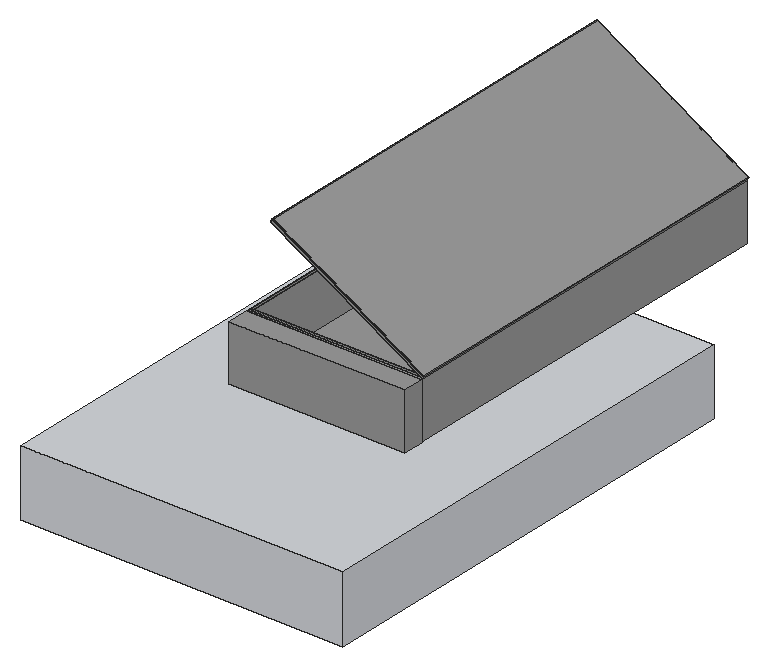
Revit family "Hager-Univers-IP55-D275-H1950-Cl.II-Steel_encl-NoHosted-DE-de", category Equipement électrique, Revit 2020
Family settings
  Hôte = Face
  Configuration du panneau = Deux colonnes, circuits au sein
  Cote de connecteur circulaire = Utiliser le diamètre
  Type d'élément = Tableau de raccordement
  Couper avec des vides une fois chargée = Non
  Partagée = Non
  Point de calcul de pièce = Non
Parameters (values of type "Bodenaufstellung IP55 B800 H1950 T275  - FR23S1")
  Width Control [instance] = if([EF000008 - Breite] > Min Width, [EF000008 - Breite], Min Width)  # 800 mm
  Commentaires du type = [HG000003 - Bereich]  # "Univers"
  Thickness Door [instance] = if([EF009171 - Materialstärke Tür/Deckel] > 3 mm, 3 mm, [EF009171 - Materialstärke Tür/Deckel])  # 1.5 mm
  Seal Frame Offset [instance] = 17 mm  # constant formula
  Plinth Visibility [instance] = [HG000027 - Sockelhöhe] > 0 mm  # yes
  Model = ""
  Min Width [instance] = 100 mm  # constant formula
  Min Height [instance] = 100 mm  # constant formula
  Min Depth [instance] = (2 * [EF009170 - Materialstärke Gehäuse]) + 1 mm  # 4 mm
  Internal Frame Depth [instance] = (Door System Depth * 0.5)  # 9 mm
  Height Control [instance] = if([EF000040 - Höhe] > Min Height, [EF000040 - Höhe], Min Height)  # 1950 mm
  HG000027 - Sockelhöhe = 100 mm
  HG000026 - Stehend auf dem Boden = yes
  HG000024 - Höhe des unteren Teils = 800 mm
  HG000023 - Gehäuse mit doppeltem Querschnitt = no
  HG000016 - 3D-Türsichtbarkeit [instance] = yes
  HG000015 - Sichtbarkeit der Türöffnung [instance] = no
  HG000014 - Tür rechts [instance] = yes
  HG000013 - Tür links [instance] = not([HG000014 - Tür rechts])  # no
  HG000012 - Türschwenkwinkel [instance] = 30.00°
  HG000010 - Asymmetrische Türen = no
  HG000009 - Doppelflügeligen Tür = no
  HG000006 - Unterputz = no
  HG000004 - Herstellerreferenz = "FR23S1"
  HG000003 - Bereich = "Univers"
  HG000002 - Mit tür = yes
  Frame Offset Bottom [instance] = 10 mm  # constant formula
  Frame Offset [instance] = 15 mm  # constant formula
  EF015940 - Deckel mit Überdruckentlastung = no
  EF011959 - Schutzart (NEMA) = ""
  EF009554 - Anzahl der Öffnungen für Flanschplatten = 6
  Fabricant = "Hager"  # constant formula
  EF009212 - Ausführung Deckel = "EV000116 - geschlossen"
  EF009171 - Materialstärke Tür/Deckel = 1.5 mm
  EF009170 - Materialstärke Gehäuse = 1.5 mm
  EF008873 - Nennstrom (In) = 800 A
  EF007800 - Geeignet für Blitzschutz = no
  EF006306 - Mit Schloss = no
  EF006244 - Transparenter Deckel/Tür = no
  EF005474 - Schutzart (IP) = "EV006420 - IP55"
  EF004464 - Art der Tür = "EV002646 - Einzel"
  EF004427 - Anzahl der Module = 432
  EF004293 - Schlagfestigkeit = "EV008784 - IK10"
  EF003532 - Geeignet für Außengebrauch = no
  EF002950 - Breite in Teilungseinheiten = 24
  EF001613 - Funktionserhalt = "EV000494 - ohne"
  EF001596 - Werkstoff des Gehäuses = "EV000179 - Stahl"
  EF001131 - Innentiefe = 275 mm
  EF001088 - Anbaumöglichkeit = yes
  EF000437 - Anzahl der Leitungseinführungen = 6
  EF000339 - Art der Abdeckung = "EV004216 - Tür"
  EF000266 - Anzahl der Reihen = 12
  EF000218 - Einbautiefe = 0 mm
  EF000118 - Mit Montageplatte = no
  EF000116 - RAL-Nummer = "7035"
  EF000049 - Tiefe = 275 mm
  EF000040 - Höhe = 1950 mm
  EF000008 - Breite = 800 mm
  EF000007 - Farbe = "EV000270 - grau"
  EF000003 - Montageart = "EV012274 - Bodenaufstellung"
  Door System Leaf Tolerance [instance] = 1.5 mm  # constant formula
  Door System Depth [instance] = 18 mm  # constant formula
  Door Height [instance] = Height Control - [HG000027 - Sockelhöhe]  # 1850 mm
  Depth Control [instance] = if([EF000049 - Tiefe] > Min Depth, [EF000049 - Tiefe], Min Depth)  # 275 mm
  Default Elevation = 0 mm
  Connector Offset [instance] = Height Control / 2  # 975 mm
  Bottom Top Plate Trim [instance] = 1.5 mm  # constant formula
  Plinth height Ctrl [instance] = if([HG000027 - Sockelhöhe] > 0 mm, [HG000027 - Sockelhöhe], 12 mm)  # 100 mm
Types (11, lengths in mm): name | Width Control | HG000010 - Asymmetrische Türen | HG000009 - Doppelflügeligen Tür | HG000004 - Herstellerreferenz | EF009554 - Anzahl der Öffnungen für Flanschplatten | EF006244 - Transparenter Deckel/Tür | EF004464 - Art der Tür | EF004427 - Anzahl der Module | EF000437 - Anzahl der Leitungseinführungen | EF000008 - Breite
  Bodenaufstellung IP55 B1050 H1950 T275  - FR24L1 | 1050 | yes | yes | "FR24L1" | 8 | yes | "EV003602 - Doppel" | 576 | 8 | 1050
  Bodenaufstellung IP55 B1050 H1950 T275  - FR24S1 | 1050 | yes | yes | "FR24S1" | 8 | no | "EV003602 - Doppel" | 576 | 8 | 1050
  Bodenaufstellung IP55 B1300 H1950 T275  - FR25L1 | 1300 | yes | yes | "FR25L1" | 10 | yes | "EV003602 - Doppel" | 720 | 10 | 1300
  Bodenaufstellung IP55 B1300 H1950 T275  - FR25S1 | 1300 | yes | yes | "FR25S1" | 10 | no | "EV003602 - Doppel" | 720 | 10 | 1300
  Bodenaufstellung IP55 B1550 H1950 T275  - FR26L1 | 1550 | yes | yes | "FR26L1" | 12 | yes | "EV003602 - Doppel" | 864 | 12 | 1550
  Bodenaufstellung IP55 B1550 H1950 T275  - FR26S1 | 1550 | yes | yes | "FR26S1" | 12 | no | "EV003602 - Doppel" | 864 | 12 | 1550
  Bodenaufstellung IP55 B300 H1950 T275  - FR21S1 | 300 | no | no | "FR21S1" | 2 | no | "EV002646 - Einzel" | 144 | 2 | 300
  Bodenaufstellung IP55 B550 H1950 T275  - FR22L1 | 550 | no | no | "FR22L1" | 4 | yes | "EV002646 - Einzel" | 288 | 4 | 550
  Bodenaufstellung IP55 B550 H1950 T275  - FR22S1 | 550 | no | no | "FR22S1" | 4 | no | "EV002646 - Einzel" | 288 | 4 | 550
  Bodenaufstellung IP55 B800 H1950 T275  - FR23L1 | 800 | no | no | "FR23L1" | 6 | yes | "EV002646 - Einzel" | 432 | 6 | 800
  Bodenaufstellung IP55 B800 H1950 T275  - FR23S1 | 800 | no | no | "FR23S1" | 6 | no | "EV002646 - Einzel" | 432 | 6 | 800
Reference planes
  plane 1 "Center (Front/Back)": y = 0
  plane 2: z = 0
  plane 3 "Center (Left/Right)": x = 0
  plane 4: z = 275
  plane 5: y = 101.5
  plane 6: y = 1025
  plane 7: y = 100
  plane 8: y = 1950
  plane 9: z = 0
  plane 10: x = -385
  plane 11: x = 385
  plane 12: x = 383.5
  plane 13: x = -383.5
  plane 14: y = 1948.5
  plane 15: x = -383
  plane 16: x = -400
  plane 17: x = 383
  plane 18: x = 400
  plane 19: x = 398.5
  plane 20: x = -398.5
  plane 21: y = 111.5
  plane 22: y = 1950
  plane 23: y = 1933.5
  plane 24: z = 257
  plane 25: z = 1.5
  plane 26: z = 255.5
  plane 27: z = 273.5
Forms (mm)
  Extrusion 1, solid
    sketch origin (0, 0, 0) x (1, 0, 0) y (0, 1, 0)
      loop
        line (-702.964, 1305) -> (-702.964, -811.445) -> (766.763, -811.445) -> (766.763, 1305) -> (-702.964, 1305)
    from 0 to -304.8
  Extrusion 2, solid, material "Hager_Steel_RAL7035_Light_Grey", visible <- "Plinth Visibility", detail levels medium+fine
    sketch origin (0, 0, 0) x (1, 0, 0) y (0, 1, 0)
      loop
        line (-400, 0) -> (400, 0) -> (400, 100) -> (-400, 100) -> (-400, 0)
    from 0 to 257
  Extrusion 3, solid, material "Hager_Steel_RAL7035_Light_Grey", detail levels medium+fine
    sketch origin (0, 0, 0) x (1, 0, 0) y (0, 1, 0)
      loop
        line (-400, 100) -> (400, 100) -> (400, 1950) -> (-400, 1950) -> (-400, 100)
    from 0 to 257
  Extrusion 4, void
    sketch origin (0, 0, 0) x (1, 0, 0) y (0, 1, 0)
      loop
        line (-398.5, 101.5) -> (398.5, 101.5) -> (398.5, 1948.5) -> (-398.5, 1948.5) -> (-398.5, 101.5)
    from 1.5 to 255.5
  Extrusion 5, void
    sketch origin (-381.607, -4572, 257) x (0, -1, 0) y (-1, 0, 0)
      loop
        line (-4683.5, 1.893) -> (-6505.5, 1.893) -> (-6505.5, -765.107) -> (-4683.5, -765.107) -> (-4683.5, 1.893)
    from 0 to 1.5 <- "EF009170 - Materialstärke Gehäuse"
  Extrusion 6, solid, material "Hager_Steel_RAL7035_Light_Grey", detail levels fine
    sketch origin (0, 0, 257) x (1, 0, 0) y (0, 1, 0)
      loop
        line (-383.5, 1933.5) -> (-383.5, 111.5) -> (383.5, 111.5) -> (383.5, 1933.5) -> (-383.5, 1933.5)
      loop
        line (-385, 110) -> (385, 110) -> (385, 1935) -> (-385, 1935) -> (-385, 110)
    from 0 to 9 <- "Internal Frame Depth"
  Extrusion 7, solid, material "Hager_Steel_RAL7035_Light_Grey", detail levels coarse
    sketch origin (0, 0, 0) x (1, 0, 0) y (0, 1, 0)
      loop
        line (-400, 0) -> (400, 0) -> (400, 1950) -> (-400, 1950) -> (-400, 0)
    from 0 to 275
  Sweep 8, void
    path in 3D
      loop
        line (-400, 100, 0) -> (400, 100, 0) -> (400, 100, 257) -> (-400, 100, 257) -> (-400, 100, 0)
    profile origin (-400, 100, 128.5) x (-1, 0, 0) y (0, -1, 0)
      loop
        line (0, 0) -> (0, 1.5) -> (-1.5, 1.5)
        arc (-1.5, 1.5) -> (-1.061, 0.439) -> (0, 0) r 1.5
Cuts and joins
  Extrusion 4, Extrusion 5 cuts Extrusion 3
  Sweep 8 cuts Extrusion 2
Lines and regions (mm)
  Masking region 1
    outline origin (0, 0, 0) x (1, 0, 0) y (0, 0, 1)
      loop
        line (-400, 275) -> (-400, 0) -> (400, 0) -> (400, 275) -> (-400, 275)
  Masking region 2, detail levels medium+fine
    outline origin (0, 140, 0) x (0, 1, 0) y (0, 0, 1)
      loop
        line (-40, 0) -> (1810, 0) -> (1810, 257) -> (-40, 257) -> (-40, 0)
  Masking region 3, not visible, detail levels medium+fine
    outline origin (0, 297.922, 0) x (0, 1, 0) y (0, 0, 1)
      loop
        line (738.578, 0) -> (778.578, 0) -> (778.578, 263.5)
        arc (778.578, 263.5) -> (775.649, 270.571) -> (768.578, 273.5) r 10
        line (768.578, 273.5) -> (738.578, 273.5) -> (738.578, 0)
  Masking region 4, detail levels coarse
    outline origin (0, 0, 180) x (0, 1, 0) y (0, 0, 1)
      loop
        line (0, -180) -> (1950, -180) -> (1950, 95) -> (0, 95) -> (0, -180)
  Masking region 5, visible <- "Plinth Visibility", detail levels medium+fine
    outline origin (0, 52.24, 12.345) x (0, 0, -1) y (0, 1, 0)
      loop
        line (10.845, 47.76) -> (-243.155, 47.76)
        arc (-243.155, 47.76) -> (-243.594, 46.699) -> (-244.655, 46.26) r 1.5
        line (-244.655, 46.26) -> (-244.655, -52.24) -> (12.345, -52.24) -> (12.345, 46.26)
        arc (12.345, 46.26) -> (11.285, 46.699) -> (10.845, 47.76) r 1.5
  Masking region 6, detail levels medium+fine
    outline origin (-381.607, -4572, 257) x (-1, 0, 0) y (0, -1, 0)
      loop
        line (18.393, -6522) -> (18.393, -4672) -> (-781.607, -4672) -> (-781.607, -6522) -> (18.393, -6522)
  Masking region 7, visible <- "Plinth Visibility", detail levels medium+fine
    outline origin (-381.607, -4727, 257) x (-1, 0, 0) y (0, -1, 0)
      loop
        arc (16.893, -4827) -> (17.332, -4825.939) -> (18.393, -4825.5) r 1.5
        line (18.393, -4825.5) -> (18.393, -4727) -> (-781.607, -4727) -> (-781.607, -4825.5)
        arc (-781.607, -4825.5) -> (-780.546, -4825.939) -> (-780.107, -4827) r 1.5
        line (-780.107, -4827) -> (16.893, -4827)
  Masking region 8, detail levels coarse
    outline origin (-442.548, -4669.526, 257) x (-1, 0, 0) y (0, -1, 0)
      loop
        line (-42.548, -6619.526) -> (-42.548, -4669.526) -> (-842.548, -4669.526) -> (-842.548, -6619.526) -> (-42.548, -6619.526)
  sketch lines
    curve 1: line (-400, 100, 257) -> (-400, 100, 0)
    curve 2: line (400, 100, 257) -> (-400, 100, 257)
    curve 3: line (400, 100, 257) -> (400, 100, 0)
    curve 4: line (-400, 100, 0) -> (400, 100, 0)
Dimensions and locks
  "Depth Control": plane 4 to Extrusion 1
  "HG000027 - Sockelhöhe": plane 1 "Center (Front/Back)" to plane 7
  "EF009170 - Materialstärke Gehäuse": plane 5 to plane 7
  locked: connector elem to plane 3 "Center (Left/Right)"
  equal spacing: plane 8, plane 6, plane 7
  locked: connector elem to plane 6
  "EF009170 - Materialstärke Gehäuse": plane 8 to plane 14
  "EF009170 - Materialstärke Gehäuse": plane 10 to plane 13
  "EF009170 - Materialstärke Gehäuse": plane 12 to plane 11
  "Frame Offset": plane 20 to plane 13
  "Frame Offset": plane 12 to plane 19
  "EF009170 - Materialstärke Gehäuse": plane 16 to plane 20
  "EF009170 - Materialstärke Gehäuse": plane 19 to plane 18
  "Seal Frame Offset": plane 16 to plane 15
  "Seal Frame Offset": plane 17 to plane 18
  "Frame Offset Bottom": plane 21 to plane 5
  "Frame Offset": plane 14 to plane 23
  equal spacing: plane 16, plane 3 "Center (Left/Right)", plane 18
  "Width Control": plane 16 to plane 18
  "EF009170 - Materialstärke Gehäuse": plane 4 to plane 27
  "EF009170 - Materialstärke Gehäuse": plane 24 to plane 26
  "EF009170 - Materialstärke Gehäuse": plane 25 to level
  "Door System Depth": plane 4 to plane 24
  "Height Control": plane 1 "Center (Front/Back)" to Extrusion 7 sketch curve
  "Height Control": Masking region 4 sketch curve to plane 1 "Center (Front/Back)"
  "Height Control": plane 1 "Center (Front/Back)" to plane 22
  "Bottom Top Plate Trim": profile plane to Sweep 8 sketch curve
  "Bottom Top Plate Trim": Sweep 8 sketch curve to profile plane
  "Plinth height Ctrl": plane 1 "Center (Front/Back)" to Extrusion 2 sketch curve
  "Plinth height Ctrl": Masking region 5 sketch curve to plane 1 "Center (Front/Back)"
  "Plinth height Ctrl": plane 1 "Center (Front/Back)" to Masking region 7 sketch curve
  "Thickness Door": Extrusion 6 sketch curve to Extrusion 6 sketch curve  (x3)
  "Thickness Door": cut or joined group of Extrusion 3, Extrusion 4, Extrusion 5 to Extrusion 6 sketch curve
  radius of Masking region 3 sketch curve = 10 mm
  "Bottom Top Plate Trim": radius of Masking region 5 sketch curve  (x2)
  "Bottom Top Plate Trim": radius of Sweep 8 sketch curve
  "Bottom Top Plate Trim": radius of Masking region 7 sketch curve  (x2)
  aligned and locked: plane 2 to Extrusion 1
  aligned and locked: level to Extrusion 1
  aligned and locked: level to Masking region 1 sketch curve
  aligned and locked: Masking region 1 sketch curve to plane 18
  aligned and locked: Masking region 1 sketch curve to plane 16
  aligned and locked: plane 7 to Masking region 2 sketch curve
  aligned and locked: level to Masking region 3 sketch curve
  aligned and locked: Masking region 3 sketch curve to plane 27
  aligned and locked: level to Masking region 2 sketch curve
  aligned and locked: plane 1 "Center (Front/Back)" to Extrusion 2 sketch curve
  aligned and locked: Extrusion 3 sketch curve to plane 7
  aligned and locked: plane 16 to Extrusion 3 sketch curve
  aligned and locked: plane 18 to Extrusion 3 sketch curve
  aligned and locked: plane 20 to Extrusion 4 sketch curve
  aligned and locked: plane 19 to Extrusion 4 sketch curve
  aligned and locked: Extrusion 4 sketch curve to plane 5
  aligned and locked: Extrusion 4 to plane 25
  aligned and locked: plane 26 to Extrusion 4
  aligned and locked: plane 24 to Extrusion 3
  aligned and locked: Extrusion 5 sketch curve to plane 21
  aligned and locked: Extrusion 5 sketch curve to plane 13
  aligned and locked: Extrusion 5 sketch curve to plane 12
  aligned and locked: plane 18 to Extrusion 7 sketch curve
  aligned and locked: plane 1 "Center (Front/Back)" to Extrusion 7 sketch curve
  aligned and locked: plane 16 to Extrusion 7 sketch curve
  aligned and locked: plane 4 to Extrusion 7
  aligned and locked: Extrusion 7 to level
  aligned and locked: level to Masking region 4 sketch curve
  aligned and locked: Masking region 4 sketch curve to plane 1 "Center (Front/Back)"
  aligned and locked: Masking region 4 sketch curve to plane 4
  aligned and locked: nested 1 to level
  aligned and locked: nested 1 to plane 16
  aligned and locked: plane 8 to Extrusion 3 sketch curve
  aligned and locked: plane 23 to Extrusion 5 sketch curve
  aligned and locked: plane 14 to Extrusion 4 sketch curve
  aligned and locked: Masking region 2 sketch curve to plane 8
  aligned and locked: level to Masking region 5 sketch curve
  aligned and locked: plane 16 to Extrusion 2 sketch curve
  aligned and locked: plane 18 to Extrusion 2 sketch curve
  aligned and locked: Masking region 5 sketch curve to plane 24
  aligned and locked: Masking region 2 sketch curve to plane 24
  aligned and locked: plane 24 to Extrusion 2
  aligned and locked: profile plane to Sweep 8 sketch curve  (x2)
  aligned and locked: Masking region 6 sketch curve to plane 18
  aligned and locked: Masking region 6 sketch curve to plane 22
  aligned and locked: Masking region 6 sketch curve to plane 16
  aligned and locked: plane 8 to plane 22
  aligned and locked: Masking region 6 sketch curve to plane 7
  aligned and locked: Masking region 7 sketch curve to plane 16
  aligned and locked: Masking region 7 sketch curve to plane 1 "Center (Front/Back)"
  aligned and locked: Masking region 7 sketch curve to plane 18
  aligned and locked: Masking region 8 sketch curve to plane 1 "Center (Front/Back)"
  aligned and locked: Masking region 8 sketch curve to plane 18
  aligned and locked: Masking region 8 sketch curve to plane 22
  aligned and locked: Masking region 8 sketch curve to plane 16
  aligned and locked: nested 2 to plane 7
  aligned and locked: plane 3 "Center (Left/Right)" to nested 2
  aligned and locked: nested 2 to plane 24
  aligned and locked: Extrusion 6 sketch curve to cut or joined group of Extrusion 3, Extrusion 4, Extrusion 5  (x4)
Automatic sketch dimensions
  Extrusion 1 sketch curve to Extrusion 1 sketch curve = 1469.727 mm
  Extrusion 1 sketch curve to Extrusion 1 sketch curve = 2116.445 mm
  Masking region 1 sketch curve to plane 4 = 0 mm
  plane 6 to Masking region 3 sketch curve = 11.5 mm
  Masking region 3 sketch curve to Masking region 3 sketch curve = 30 mm
  Masking region 5 sketch curve to plane 1 "Center (Front/Back)" = 0 mm
Nested families
  nested 1: "Hager_Enclosure_Symbol" at (-400, 0, 0) x (1, 0, 0) z (0, -1, 0), Height <- "Depth Control", Width <- "Width Control", type "Hager_Enclosure_Symbol"
    with Width_Ctrl 800 mm, Width 800 mm, Height_Ctrl 275 mm, Height 275 mm, A_Width_Int 18.047 mm, A_Width 216.562 mm, A_Height_Ctrl 240.625 mm, A_Height 240.625 mm
  nested 2: "EC000058_Univers_Door" at (0, 100, 257) x (1, 0, 0) z (0, 1, 0), Leaf_Tolerance <- "Door System Leaf Tolerance", Angle <- "HG000012 - Türschwenkwinkel", Door_Depth <- "Door System Depth", Door_Left <- "HG000013 - Tür links", Transparent <- "EF006244 - Transparenter Deckel/Tür", Assymetrical <- "HG000010 - Asymmetrische Türen", Width <- "Width Control", Clearance <- "HG000015 - Sichtbarkeit der Türöffnung", Double <- "HG000009 - Doppelflügeligen Tür", 3d_Door <- "HG000016 - 3D-Türsichtbarkeit", Lock_Visibility <- "EF006306 - Mit Schloss", Width_Ctrl <- "Width Control", Door_Right <- "HG000014 - Tür rechts", Door <- "HG000002 - Mit tür", Height <- "Door Height", Thickness <- "Thickness Door", type "EC000058_Univers_Door", detail levels medium+fine
    with min_wh 4 mm, Width_Ctrl 800 mm, Width 800 mm, Transparent no, Thickness 1.5 mm, Seal_Material Hager_Rubber, Lock_Visibility no, Lock_Material Hager_Plastic_RAL9005_Jet_Black, Leaf_Width 800 mm, Leaf_Tolerance_External_Sides 0 mm, Leaf_Tolerance 1.5 mm, Leaf_Offset 0 mm, Leaf_Height 1847 mm, Leaf_2_Width 800 mm, Leaf_2_Offset 400 mm, Leaf_1_Width 800 mm, Leaf_1_Offset 400 mm, Height_Ctrl 1850 mm, Height 1850 mm, Glass_Material Hager_Glass, Double_Clearance_Ctrl no, Double no, Door_Right_Ctrl yes, Door_Right yes, Door_Material Hager_Steel_RAL7035_Light_Grey, Door_Left_Ctrl no, Door_Left no, Door_Depth 18 mm, Door yes, Clearance_Material Hager_Clearance, Clearance_Depth 800 mm, Clearance_Ctrl no, Clearance no, Assymetrical no, Angle 30.00°, 3d_Door yes
Connectors
  electrical at (0, 1025, 0)
    settings: on plane 9, index 1, voltage 0 V, apparent load 0 VA, apparent load phase1 0 VA, apparent load phase2 0 VA, apparent load phase3 0 VA, power factor 1, load classification "Other", number of poles 1, system type 30, power factor state 1, is connector primary yes, connector utility no, sub classification motor no, connector description ""
Definition of nested family "EC000058_Univers_Door"
  Parameters (values of type "EC000058_Univers_Door")
    min_wh [instance] = (2 * Thickness) + 1 mm  # 11 mm
    Width_Ctrl [instance] = 400 mm
    Width [instance] = 500 mm
    Transparent [instance] = yes
    Thickness [instance] = 5 mm
    Seal_Material [instance] = none
    Lock_Visibility [instance] = yes
    Lock_Material [instance] = none
    Leaf_Width [instance] = if((Width_Ctrl - 2 * Leaf_Tolerance_External_Sides) > 0 mm, (Width_Ctrl - 2 * Leaf_Tolerance_External_Sides), min_wh)  # 400 mm
    Leaf_Tolerance_External_Sides [instance] = 0 mm  # constant formula
    Leaf_Tolerance [instance] = 1.5 mm
    Leaf_Offset [instance] = 0 mm  # constant formula
    Leaf_Height [instance] = if((Height_Ctrl - 2 * Leaf_Tolerance) > 0 mm, (Height_Ctrl - 2 * Leaf_Tolerance), min_wh)  # 497 mm
    Leaf_2_Width [instance] = if(and(and(Double, Assymetrical), Door_Left), (Leaf_Width / 3) - (Leaf_Tolerance / 2), if(and(and(Double, Assymetrical), Door_Right), (Leaf_Width / 3) * 2 - (Leaf_Tolerance / 2), if(and(Double, not(Assymetrical)), (Leaf_Width / 2) - Leaf_Tolerance, Leaf_Width)))  # 400 mm
    Leaf_2_Offset [instance] = if(and(Double, Assymetrical), Leaf_2_Width / 2, if(and(Double, not(Assymetrical)), Leaf_Width / 4, Leaf_Width / 2))  # 200 mm
    Leaf_1_Width [instance] = if(and(and(Double, Assymetrical), Door_Right), (Leaf_Width / 3) - (Leaf_Tolerance / 2), if(and(and(Double, Assymetrical), Door_Left), (Width / 3) * 2 - (Leaf_Tolerance / 2), if(and(Double, not(Assymetrical)), (Leaf_Width / 2) - Leaf_Tolerance, Leaf_Width)))  # 400 mm
    Leaf_1_Offset [instance] = if(and(Double, Assymetrical), Leaf_1_Width / 2, if(and(Double, not(Assymetrical)), Leaf_Width / 4, Leaf_Width / 2))  # 200 mm
    Height_Ctrl [instance] = if(Height > min_wh, Height, min_wh)  # 500 mm
    Height [instance] = 500 mm
    Glass_Material [instance] = none
    Double_Clearance_Ctrl [instance] = and(Double, Clearance)  # no
    Double [instance] = no
    Door_Right_Ctrl [instance] = and(or(Door_Right, Double), Door)  # yes
    Door_Right [instance] = yes
    Door_Material [instance] = none
    Door_Left_Ctrl [instance] = and(or(Door_Left, Double), Door)  # no
    Door_Left [instance] = no
    Door_Depth [instance] = 30 mm
    Door [instance] = yes
    Default Elevation = 1219.2 mm
    Clearance_Material [instance] = none
    Clearance_Depth [instance] = if(Leaf_1_Width > Leaf_2_Width, Leaf_1_Width, Leaf_2_Width)  # 400 mm
    Clearance_Ctrl [instance] = and(not(Double), Clearance)  # yes
    Clearance [instance] = yes
    Assymetrical [instance] = yes
    Angle [instance] = 30.00°
    3d_Door [instance] = yes
  Reference planes
    plane 1 "Center (Front/Back)": y = 0
    plane 2 "Bottom": z = 0
    plane 3 "Center (Left/Right)": x = 0
    plane 4: z = 500
    plane 5: x = -200
    plane 6: x = 200
    plane 7: z = 500
    plane 8: x = -200
    plane 9: z = 0
    plane 10: x = 200
    plane 11: y = 0
    plane 12: z = 1.5
    plane 13: x = -600
    plane 14: y = -400
    plane 15: x = 600
    plane 16: x = 0
    plane 17: x = 0
    plane 18: x = -200
    plane 19: x = 200
    plane 20: z = 498.5
  Forms (mm)
    Extrusion 1, solid, material <- "Clearance_Material", visible <- "Double_Clearance_Ctrl"
      sketch origin (1200, 0, 0) x (1, 0, 0) y (0, 0, -1)
        loop
          line (-1800, -498.5) -> (-600, -498.5) -> (-600, 0) -> (-1800, 0) -> (-1800, -498.5)
      from 0 to -400
  Dimensions and locks
    equal spacing: plane 5, plane 3 "Center (Left/Right)", plane 6
    "Width_Ctrl": plane 5 to plane 6
    "Leaf_Offset": plane 5 to plane 8
    "Leaf_Offset": plane 6 to plane 10
    "Leaf_Offset": plane 9 to level
    "Leaf_Offset": plane 4 to plane 7
    "Height_Ctrl": plane 4 to level
    "Leaf_Tolerance": plane 12 to plane 9
    locked: plane 11 to plane 1 "Center (Front/Back)"
    "Leaf_1_Offset": plane 18 to plane 16
    "Leaf_2_Offset": plane 17 to plane 19
    "Leaf_1_Width": plane 13 to plane 8
    "Leaf_2_Width": plane 10 to plane 15
    "Clearance_Depth": plane 14 to plane 1 "Center (Front/Back)"
    "Leaf_Tolerance_External_Sides": plane 8 to plane 18
    "Leaf_Tolerance_External_Sides": plane 19 to plane 10
    "Leaf_Tolerance": plane 7 to plane 20
    aligned and locked: level to plane 2 "Bottom"
    aligned and locked: nested 1 to plane 16
    aligned and locked: nested 2 to plane 17
    aligned and locked: Extrusion 1 to plane 13
    aligned and locked: plane 15 to Extrusion 1
    aligned and locked: Extrusion 1 to plane 14
    aligned and locked: plane 12 to nested 1
    aligned and locked: nested 2 to plane 12
    aligned and locked: Extrusion 1 to plane 11
    aligned and locked: plane 20 to Extrusion 1
    aligned and locked: nested 2 to plane 11
    aligned and locked: nested 1 to plane 11
  Automatic sketch dimensions
    Extrusion 1 sketch curve to level = 0 mm
    plane 5 to Extrusion 1 sketch curve = 400 mm
    plane 6 to Extrusion 1 sketch curve = 400 mm
    Extrusion 1 sketch curve to plane 4 = 1.5 mm
  Nested families
    nested 1: "EC000058_Univers_Door_Leaf" at (0, 0, 1.5), Width <- "Leaf_1_Width", visible <- "Door_Left_Ctrl", Leaf_Height <- "Leaf_Height", Angle <- "Angle", 3d_Door <- "3d_Door", Transparent <- "Transparent", Clearance Material <- "Clearance_Material", Clearance <- "Clearance_Ctrl", Door_Material <- "Door_Material", Glass_Material <- "Glass_Material", Door_Depth <- "Door_Depth", Lock_Material <- "Lock_Material", Seal_Material <- "Seal_Material", Lock_Visibility <- "Lock_Visibility", Thickness <- "Thickness", type "EC000058_Univers_Door_Leaf"
      with Width 400 mm, Transparent_Glass_Offset 30 mm, Transparent_Ctrl yes, Transparent yes, Thickness 5 mm, Standard no, Seal_Material none, Seal_D2 8 mm, Seal_D1 1 mm, Offset_Internal_Frame 10 mm, Lock_Width 20 mm, Lock_Visibility_3d yes, Lock_Visibility yes, Lock_Thickness_3 3 mm, Lock_Thickness_2 1 mm, Lock_Thickness_1 3 mm, Lock_Radius_Offset_2 16 mm, Lock_Radius_Offset_1 15 mm, Lock_Radius_2 5 mm, Lock_Radius 6 mm, Lock_Offset 5 mm, Lock_Material none, Lock_Height 80 mm, Lock_Cover_Top_Offset_2d 17 mm, Lock_Cover_Height -65 mm, Leaf_Height 497 mm, Internal_Seal_Thickness 8 mm, Internal_Seal_Depth_2 4.5 mm, Internal_Frame_Depth 25 mm, Glass_Thickness -1 mm, Glass_Offset -2 mm, Glass_Material none, Door_Material none, Door_Depth 30 mm, Clearance Material none, Clearance yes, Angle_Ctrl 30.00°, Angle 30.00°, 3d_Door yes
    nested 2: "EC000058_Univers_Door_Leaf" at (0, 0, 1.5) x (-1, 0, 0) z (0, 0, 1), Width <- "Leaf_2_Width", visible <- "Door_Right_Ctrl", Leaf_Height <- "Leaf_Height", Angle <- "Angle", 3d_Door <- "3d_Door", Transparent <- "Transparent", Clearance Material <- "Clearance_Material", Clearance <- "Clearance_Ctrl", Door_Material <- "Door_Material", Glass_Material <- "Glass_Material", Door_Depth <- "Door_Depth", Lock_Material <- "Lock_Material", Seal_Material <- "Seal_Material", Lock_Visibility <- "Lock_Visibility", Thickness <- "Thickness", type "EC000058_Univers_Door_Leaf"
      with Width 400 mm, Transparent_Glass_Offset 30 mm, Transparent_Ctrl yes, Transparent yes, Thickness 5 mm, Standard no, Seal_Material none, Seal_D2 8 mm, Seal_D1 1 mm, Offset_Internal_Frame 10 mm, Lock_Width 20 mm, Lock_Visibility_3d yes, Lock_Visibility yes, Lock_Thickness_3 3 mm, Lock_Thickness_2 1 mm, Lock_Thickness_1 3 mm, Lock_Radius_Offset_2 16 mm, Lock_Radius_Offset_1 15 mm, Lock_Radius_2 5 mm, Lock_Radius 6 mm, Lock_Offset 5 mm, Lock_Material none, Lock_Height 80 mm, Lock_Cover_Top_Offset_2d 17 mm, Lock_Cover_Height -65 mm, Leaf_Height 497 mm, Internal_Seal_Thickness 8 mm, Internal_Seal_Depth_2 4.5 mm, Internal_Frame_Depth 25 mm, Glass_Thickness -1 mm, Glass_Offset -2 mm, Glass_Material none, Door_Material none, Door_Depth 30 mm, Clearance Material none, Clearance yes, Angle_Ctrl 30.00°, Angle 30.00°, 3d_Door yes
  Definition of nested family "EC000058_Univers_Door_Leaf"
    Parameters (values of type "EC000058_Univers_Door_Leaf")
      Width [instance] = 2000 mm
      Transparent_Glass_Offset [instance] = 30 mm
      Transparent_Ctrl [instance] = and(Transparent, [3d_Door])  # yes
      Transparent [instance] = yes
      Thickness [instance] = 5 mm
      Standard [instance] = and(not(Transparent), [3d_Door])  # no
      Seal_Material [instance] = none
      Seal_D2 [instance] = 8 mm  # constant formula
      Seal_D1 [instance] = 1 mm  # constant formula
      Offset_Internal_Frame [instance] = 10 mm  # constant formula
      Lock_Width [instance] = 20 mm  # constant formula
      Lock_Visibility_3d [instance] = and(Lock_Visibility, [3d_Door])  # yes
      Lock_Visibility [instance] = yes
      Lock_Thickness_3 [instance] = 3 mm  # constant formula
      Lock_Thickness_2 [instance] = 1 mm  # constant formula
      Lock_Thickness_1 [instance] = 3 mm  # constant formula
      Lock_Radius_Offset_2 [instance] = Lock_Radius_Offset_1 + 1 mm  # 16 mm
      Lock_Radius_Offset_1 [instance] = 15 mm  # constant formula
      Lock_Radius_2 [instance] = Lock_Radius - 1 mm  # 5 mm
      Lock_Radius [instance] = 6 mm  # constant formula
      Lock_Offset [instance] = 5 mm  # constant formula
      Lock_Material [instance] = none
      Lock_Height [instance] = 80 mm  # constant formula
      Lock_Cover_Top_Offset_2d [instance] = Lock_Radius_Offset_2 + 1 mm  # 17 mm
      Lock_Cover_Height [instance] = -(Lock_Height - Lock_Radius_Offset_1)  # -65 mm
      Leaf_Height [instance] = 2720.336 mm
      Internal_Seal_Thickness [instance] = 8 mm  # constant formula
      Internal_Seal_Depth_2 [instance] = 4.5 mm  # constant formula
      Internal_Frame_Depth [instance] = if(Door_Depth - Thickness > 5 mm, Door_Depth - Thickness, 5 mm)  # 25 mm
      Glass_Thickness [instance] = if(Thickness > 15 mm, Glass_Offset + 10 mm, -1 mm)  # -1 mm
      Glass_Offset [instance] = if(Thickness > 15 mm, -(Thickness + 10 mm) / 2, -2 mm)  # -2 mm
      Glass_Material [instance] = none
      Door_Material [instance] = none
      Door_Depth [instance] = 30 mm
      Default Elevation = 0 mm
      Clearance Material [instance] = none
      Clearance [instance] = yes
      Angle_Ctrl [instance] = if(Angle > 180.00°, 180.00°, Angle)  # 90.00°
      Angle [instance] = 90.00°
      3d_Door [instance] = yes
    Reference planes
      plane 1 "Center (Front/Back)": y = 0
      plane 2: z = 0
      plane 3 "Center (Left/Right)": x = 0
      plane 4: y = 2000
      plane 5: x = -1000
      plane 6: x = 1000
      plane 7: x = -3000
      plane 8: z = 2720.336
      plane 9: z = 30
      plane 10: z = 2690.336
      plane 11: x = 970
      plane 12: x = -970
      plane 13: y = -3
      plane 14: z = 107.833
      plane 15: y = -5
      plane 16: y = -223.314
      plane 17: x = -1000
      plane 18: z = 1360.168
      plane 19: y = 30
    Forms (mm)
      Extrusion 1, solid, material <- "Clearance Material", visible <- "Clearance"
        sketch origin (0, 0, 0) x (1, 0, 0) y (0, 0, 1)
          loop
            line (-3000, 2720.336) -> (-3000, 0) -> (1000, 0) -> (1000, 2720.336) -> (-3000, 2720.336)
        from 0 to -2000
      Extrusion 2, solid, material <- "Door_Material", visible <- "Standard", detail levels medium+fine
        sketch origin (-1000, 0, 0) x (0, 1, 0) y (-1, 0, 0)
          loop
            line (0, 30) -> (0, 25) -> (2000, 25) -> (2000, 30) -> (0, 30)
        from 0 to 2720.336 <- "Leaf_Height"
      Extrusion 3, solid, material <- "Door_Material", visible <- "Transparent_Ctrl", detail levels medium+fine
        sketch origin (-1000, 0, 0) x (0, 1, 0) y (-1, 0, 0)
          loop
            line (0, 25) -> (2000, 25) -> (2000, 30) -> (0, 30) -> (0, 25)
        from 0 to 2720.336 <- "Leaf_Height"
      Extrusion 4, void
        sketch origin (-1025, 2000, 0) x (0, 1, 0) y (0, 0, -1)
          loop
            line (-30, -2690.336) -> (-30, -30) -> (-1970, -30) -> (-1970, -2690.336) -> (-30, -2690.336)
        from 0 to 5 <- "Thickness"
      Sweep 5, solid, material <- "Seal_Material", visible <- "Transparent_Ctrl", detail levels fine
        path in 3D
          loop
            line (-1025, 30, 30) -> (-1025, 30, 2690.336) -> (-1025, 1970, 2690.336) -> (-1025, 1970, 30) -> (-1025, 30, 30)
        profile origin (-1025, 1000, 30) x (1, 0, 0) y (0, 0, 1)
          loop
            line (0, 0) -> (0, -8) -> (1, -8) -> (1, 0) -> (0, 0)
      Extrusion 6, solid, material <- "Glass_Material", visible <- "Transparent_Ctrl", detail levels medium+fine
        sketch origin (-1030, 0, 0) x (0, 1, 0) y (0, 0, -1)
          loop
            line (1970, -2690.336) -> (1970, -30) -> (30, -30) -> (30, -2690.336) -> (1970, -2690.336)
        from -2 <- "Glass_Offset" to -1 <- "Glass_Thickness"
      Extrusion 7, solid, material <- "Door_Material", visible <- "3d_Door", detail levels medium+fine
        sketch origin (-1025, 2000, 0) x (0, -1, 0) y (0, 0, -1)
          loop
            line (0, -2720.336) -> (2000, -2720.336) -> (2000, 0) -> (0, 0) -> (0, -2720.336)
          loop
            line (1995, -5) -> (5, -5) -> (5, -2715.336) -> (1995, -2715.336) -> (1995, -5)
        from 0 to 25 <- "Internal_Frame_Depth"
      Sweep 8, solid, material <- "Seal_Material", visible <- "Transparent_Ctrl", detail levels fine
        path in 3D
          loop
            line (-1025, 0, 0) -> (-1025, 2000, 0) -> (-1025, 2000, 2720.336) -> (-1025, 0, 2720.336) -> (-1025, 0, 0)
        profile origin (-1025, 0, 1360.168) x (1, 0, 0) y (0, 1, 0)
          loop
            line (0, 10) -> (2.975, 10)
            arc (2.975, 10) -> (4.053, 10.447) -> (4.5, 11.525) r 1.525
            line (4.5, 11.525) -> (4.5, 16.527)
            arc (4.5, 16.527) -> (4.069, 17.569) -> (3.027, 18) r 1.473
            line (3.027, 18) -> (0, 18) -> (0, 10)
      Extrusion 9, solid, material <- "Lock_Material", visible <- "Lock_Visibility_3d", detail levels fine
        sketch origin (-1030, 0, 0) x (0, 1, 0) y (0, 0, -1)
          loop
            arc (1993.5, -1400.168) -> (1994.561, -1399.729) -> (1995, -1398.668) r 1.5
            line (1995, -1398.668) -> (1995, -1320.168) -> (1975, -1320.168) -> (1975, -1398.668)
            arc (1975, -1398.668) -> (1975.439, -1399.729) -> (1976.5, -1400.168) r 1.5
            line (1976.5, -1400.168) -> (1993.5, -1400.168)
        from 3 <- "Lock_Thickness_1" to 0
      Blend 10, solid, material <- "Lock_Material", visible <- "Lock_Visibility_3d", detail levels fine
        base sketch origin (-1033, 0, 0) x (0, 1, 0) y (0, 0, -1)
          loop
            line (1975, -1320.168) -> (1975, -1398.668)
            arc (1975, -1398.668) -> (1975.439, -1399.729) -> (1976.5, -1400.168) r 1.5
            line (1976.5, -1400.168) -> (1993.5, -1400.168)
            arc (1993.5, -1400.168) -> (1994.561, -1399.729) -> (1995, -1398.668) r 1.5
            line (1995, -1398.668) -> (1995, -1320.168) -> (1975, -1320.168)
        top sketch origin (-1033, 0, 0) x (0, 1, 0) y (0, 0, -1)
          loop
            line (1976, -1320.168) -> (1976, -1398.668)
            arc (1976, -1398.668) -> (1976.146, -1399.022) -> (1976.5, -1399.168) r 0.5
            line (1976.5, -1399.168) -> (1993.5, -1399.168)
            arc (1993.5, -1399.168) -> (1993.854, -1399.022) -> (1994, -1398.668) r 0.5
            line (1994, -1398.668) -> (1994, -1320.168) -> (1976, -1320.168)
        from 0 to 1 <- "Lock_Thickness_2"
      Blend 11, solid, material <- "Lock_Material", visible <- "Lock_Visibility_3d", detail levels fine
        base sketch origin (-1034, 0, 0) x (0, 1, 0) y (0, 0, -1)
          loop
            line (1978, -1320.168) -> (1978, -1384.168)
            arc (1978, -1384.168) -> (1985, -1391.168) -> (1992, -1384.168) r 7
            line (1992, -1384.168) -> (1992, -1320.168) -> (1978, -1320.168)
        top sketch origin (-1034, 0, 0) x (0, 1, 0) y (0, 0, -1)
          loop
            line (1991, -1320.168) -> (1979, -1320.168) -> (1979, -1383.168)
            arc (1979, -1383.168) -> (1985, -1389.168) -> (1991, -1383.168) r 6
            line (1991, -1383.168) -> (1991, -1320.168)
        from 0 to 3 <- "Lock_Thickness_3"
      Extrusion 12, solid, material <- "Lock_Material", visible <- "Lock_Visibility_3d", detail levels fine
        sketch origin (-1030, 1975, 1320.168) x (1, 0, 0) y (0, -1, 0)
          loop
            line (-7, -19) -> (-7, -1) -> (0, -1) -> (0, 0) -> (-8, 0) -> (-8, -20) -> (0, -20) -> (0, -19) -> (-7, -19)
        from 0 to -65 <- "Lock_Cover_Height"
      Extrusion 13, void
        sketch origin (-1038, 1995, 1320.168) x (-1, 0, 0) y (0, 0, -1)
          loop
            line (-5, -65) -> (0, -65) -> (-5, -60) -> (-5, -65)
        from 0 to 20 <- "Lock_Width"
      Extrusion 14, void
        sketch origin (-1038, 1975, 1320.168) x (0, -1, 0) y (0, 0, -1)
          loop
            circle (-10, -15.995) r 6
          loop
            circle (-10, -15.995) r 5
        from 0 to 2
      Extrusion 15, solid, material <- "Lock_Material", visible <- "Lock_Visibility_3d", detail levels medium
        sketch origin (-1030, 0, 0) x (0, 1, 0) y (0, 0, -1)
          loop
            arc (1993.5, -1400.168) -> (1994.561, -1399.729) -> (1995, -1398.668) r 1.5
            line (1995, -1398.668) -> (1995, -1320.168) -> (1975, -1320.168) -> (1975, -1398.668)
            arc (1975, -1398.668) -> (1975.439, -1399.729) -> (1976.5, -1400.168) r 1.5
            line (1976.5, -1400.168) -> (1993.5, -1400.168)
        from 8 to 0
    Cuts and joins
      Extrusion 4 cuts Extrusion 3
      Extrusion 13, Extrusion 14 cuts Extrusion 9
      Extrusion 14 cuts Blend 11
      Extrusion 13, Extrusion 14 cuts Extrusion 12
      joined: Extrusion 9, Blend 10, Blend 11, Extrusion 12
      Extrusion 14 cuts Extrusion 15
    Lines and regions (mm)
      Masking region 1, visible <- "Lock_Visibility", detail levels fine
        outline origin (0, 0, 0) x (0, 1, 0) y (0, 0, 1)
          loop
            line (30, 1320.168) -> (33, 1320.168) -> (33, 1400.168) -> (30, 1400.168) -> (30, 1320.168)
      Masking region 2, visible <- "Lock_Visibility", detail levels fine
        outline origin (0, 3.143, 0) x (0, 1, 0) y (0, 0, 1)
          loop
            line (29.857, 1354.168) -> (30.857, 1354.168) -> (30.857, 1366.168) -> (29.857, 1366.168) -> (29.857, 1354.168)
      Masking region 3, detail levels medium+fine
        outline origin (0, 0, 0) x (0, 1, 0) y (0, 0, 1)
          loop
            line (0, 0) -> (30, 0) -> (30, 2720.336) -> (0, 2720.336) -> (0, 0)
      Masking region 4, detail levels medium+fine
        outline origin (0, 0, 0) x (1, 0, 0) y (0, 0, 1)
          loop
            line (-1000, 2720.336) -> (-1000, 0) -> (1000, 0) -> (1000, 2720.336) -> (-1000, 2720.336)
      Masking region 5, visible <- "Lock_Visibility", detail levels fine
        outline origin (-47.116, 0, 0) x (1, 0, 0) y (0, 0, 1)
          loop
            arc (1024.616, 1399.168) -> (1023.556, 1398.729) -> (1023.116, 1397.668) r 1.5
            line (1023.116, 1397.668) -> (1023.116, 1320.168) -> (1041.116, 1320.168) -> (1041.116, 1397.668)
            arc (1041.116, 1397.668) -> (1040.677, 1398.729) -> (1039.616, 1399.168) r 1.5
            line (1039.616, 1399.168) -> (1024.616, 1399.168)
      Masking region 6, visible <- "Lock_Visibility", detail levels medium+fine
        outline origin (-25, 0, 0) x (1, 0, 0) y (0, 0, 1)
          loop
            arc (1001.5, 1400.168) -> (1000.439, 1399.729) -> (1000, 1398.668) r 1.5
            line (1000, 1398.668) -> (1000, 1320.168) -> (1020, 1320.168) -> (1020, 1398.668)
            arc (1020, 1398.668) -> (1019.561, 1399.729) -> (1018.5, 1400.168) r 1.5
            line (1018.5, 1400.168) -> (1001.5, 1400.168)
      Masking region 7, visible <- "Lock_Visibility", detail levels fine
        outline origin (-73.735, 0, 0) x (1, 0, 0) y (0, 0, 1)
          loop
            line (1051.735, 1382.168) -> (1065.735, 1382.168) -> (1065.735, 1384.168)
            arc (1065.735, 1384.168) -> (1058.735, 1391.168) -> (1051.735, 1384.168) r 7
            line (1051.735, 1384.168) -> (1051.735, 1382.168)
      Masking region 8, visible <- "Lock_Visibility", detail levels fine
        outline origin (-73.735, 0, 0) x (1, 0, 0) y (0, 0, 1)
          loop
            line (1052.735, 1382.168) -> (1064.735, 1382.168) -> (1064.735, 1383.168)
            arc (1064.735, 1383.168) -> (1058.735, 1389.168) -> (1052.735, 1383.168) r 6
            line (1052.735, 1383.168) -> (1052.735, 1382.168)
      Masking region 9, visible <- "Lock_Visibility", detail levels fine
        outline origin (-25, 0, 0) x (1, 0, 0) y (0, 0, 1)
          loop
            line (1020, 1320.168) -> (1020, 1382.168) -> (1000, 1382.168) -> (1000, 1320.168) -> (1020, 1320.168)
      Masking region 10, detail levels medium+fine
        outline origin (0, 0, 0) x (1, 0, 0) y (0, 0, 1)
          loop
            circle (985, 1335.144) r 6
      Masking region 11, detail levels fine
        outline origin (0, 0, 0) x (1, 0, 0) y (0, 0, 1)
          loop
            circle (985, 1335.144) r 5
      Masking region 12, visible <- "Lock_Visibility", detail levels fine
        outline origin (0, 12.767, 0) x (0, 1, 0) y (0, 0, 1)
          loop
            line (20.233, 1320.168) -> (21.233, 1320.168) -> (21.233, 1399.168) -> (20.233, 1400.168) -> (20.233, 1320.168)
      Masking region 13, visible <- "Lock_Visibility", detail levels fine
        outline origin (0, 13.767, -10) x (0, 1, 0) y (0, 0, 1)
          loop
            line (20.233, 1330.168) -> (23.233, 1330.168) -> (23.233, 1399.168) -> (20.233, 1402.168) -> (20.233, 1330.168)
      Masking region 14, visible <- "Lock_Visibility", detail levels fine
        outline origin (0, 12.767, -10) x (0, 1, 0) y (0, 0, 1)
          loop
            line (20.233, 1330.168) -> (25.233, 1330.168) -> (25.233, 1399.305) -> (20.233, 1394.305) -> (20.233, 1330.168)
      Masking region 15, visible <- "Lock_Visibility", detail levels medium
        outline origin (0, 0, 0) x (0, 1, 0) y (0, 0, 1)
          loop
            line (30, 1320.168) -> (38, 1320.168) -> (38, 1400.168) -> (30, 1400.168) -> (30, 1320.168)
      Masking region 16, visible <- "Lock_Visibility", detail levels fine
        outline origin (-1000, 0, 0) x (0, 1, 0) y (-1, 0, 0)
          loop
            line (1975, 30) -> (1995, 30) -> (1995, 38) -> (1975, 38) -> (1975, 30)
          loop
            line (1979, 37) -> (1976, 37) -> (1976, 34) -> (1978, 34) -> (1979, 37)
          loop
            line (1994, 37) -> (1991, 37) -> (1992, 34) -> (1994, 34) -> (1994, 37)
      Masking region 17, visible <- "Lock_Visibility", detail levels medium
        outline origin (-1000, 0, 0) x (0, 1, 0) y (-1, 0, 0)
          loop
            line (1975, 30) -> (1995, 30) -> (1995, 38) -> (1975, 38) -> (1975, 30)
      symbolic lines
        curve 1: line (1000, 0, 0) -> (-3000, 0, 0)
        curve 2: arc (1000, 0, 0) -> (-1000, 2000, 0) -> (-3000, 0, 0) r 2000
        curve 4: line (-1030, 0, 0) -> (-1030, 2000, 0)
      reference lines
        curve 3: line (-1000, 0, 0) -> (-1000, 2000, 0)
      symbolic lines, detail levels medium+fine
        curve 5: line (-1030, 2000, 0) -> (-1025, 2000, 0)
        curve 7: line (-1025, 0, 0) -> (-1030, 0, 0)
        curve 8: line (-1025, 0, 0) -> (-1000, 0, 0)
        curve 9: line (-1000, 0, 0) -> (-1000, 2000, 0)
        curve 10: line (-1000, 2000, 0) -> (-1025, 2000, 0)
      symbolic lines, detail levels fine
        curve 6: line (-1025, 2000, 0) -> (-1025, 0, 0)
      sketch lines
        curve 11: line (-1025, 0, 2720.336) -> (-1025, 0, 0)
        curve 12: line (-1025, 2000, 0) -> (-1025, 0, 0)
        curve 13: line (-1025, 2000, 2720.336) -> (-1025, 2000, 0)
        curve 14: line (-1025, 0, 2720.336) -> (-1025, 2000, 2720.336)
        curve 15: line (-1025, 1970, 30) -> (-1025, 30, 30)
        curve 16: line (-1025, 30, 30) -> (-1025, 30, 2690.336)
        curve 17: line (-1025, 1970, 2690.336) -> (-1025, 1970, 30)
        curve 18: line (-1025, 30, 2690.336) -> (-1025, 1970, 2690.336)
      symbolic lines, visible <- "Transparent", detail levels medium+fine
        curve 19: line (-970, 0, 2690.336) -> (970, 0, 2690.336)
        curve 20: line (-970, 0, 30) -> (-970, 0, 2690.336)
        curve 21: line (970, 0, 30) -> (-970, 0, 30)
        curve 22: line (970, 0, 2690.336) -> (970, 0, 30)
    Dimensions and locks
      "Width": plane 1 "Center (Front/Back)" to plane 4
      equal spacing: plane 5, plane 3 "Center (Left/Right)", plane 6
      "Width": plane 5 to plane 6
      "Width": plane 7 to plane 5
      "Leaf_Height": plane 8 to level
      "Width": curve 5 to curve 3
      "Width": curve 3 to curve 3
      plane 8 to plane 10 = 30 mm
      plane 9 to level = 30 mm
      plane 12 to plane 5 = 30 mm
      plane 6 to plane 11 = 30 mm
      Extrusion 1 to Extrusion 4 sketch curve = 30 mm
      "Transparent_Glass_Offset": curve 3 to Extrusion 4 sketch curve
      "Transparent_Glass_Offset": Extrusion 4 sketch curve to cut or joined group of Extrusion 3, Extrusion 4  (x2)
      cut or joined group of Extrusion 3, Extrusion 4 to Extrusion 6 sketch curve = 30 mm
      "Transparent_Glass_Offset": cut or joined group of Extrusion 3, Extrusion 4 to Extrusion 4 sketch curve
      "Thickness": curve 6 to curve 4
      "Thickness": Extrusion 7 sketch curve to Extrusion 7 sketch curve  (x4)
      "Door_Depth": curve 4 to curve 3
      "Offset_Internal_Frame": profile plane to Sweep 8 sketch curve
      "Internal_Seal_Thickness": Sweep 8 sketch curve to Sweep 8 sketch curve
      "Internal_Seal_Depth_2": profile plane to Sweep 8 sketch curve
      "Seal_D1": profile plane to Sweep 5 sketch curve
      "Seal_D2": profile plane to Sweep 5 sketch curve
      "Thickness": Extrusion 2 sketch curve to Extrusion 2 sketch curve
      equal spacing: Extrusion 9 sketch curve, plane 18, Extrusion 9 sketch curve  (x2)
      equal spacing: Masking region 1 sketch curve, plane 18, Masking region 1 sketch curve
      "Lock_Height": Masking region 1 sketch curve to Masking region 1 sketch curve
      "Lock_Radius": Masking region 2 sketch curve to plane 18 to Masking region 2 sketch curve
      Masking region 2 sketch curve to Masking region 1 = 1 mm
      "Door_Depth": plane 19 to plane 1 "Center (Front/Back)"
      "Lock_Thickness_1": Masking region 1 sketch curve to plane 19
      "Lock_Width": Extrusion 9 sketch curve to Extrusion 9 sketch curve
      "Lock_Height": Extrusion 9 sketch curve to Extrusion 9 sketch curve
      "Lock_Offset": cut or joined group of Extrusion 3, Extrusion 4 to Extrusion 9 sketch curve
      equal spacing: plane 8, plane 18, level
      "Lock_Radius_Offset_1": Blend 11 sketch curve to Blend 10
      locked: Blend 10 to Blend 11 sketch curve at 2  (x2)
      locked: var sketch to Blend 11 sketch curve at 1  (x2)
      "Lock_Radius_Offset_2": Blend 11 sketch curve to Blend 10
      locked: Extrusion 12 sketch curve to Extrusion 12 sketch curve at 1  (x3)
      Masking region 6 sketch curve to Masking region 6 sketch curve = 80 mm
      "Lock_Height": Masking region 6 sketch curve to Masking region 6 sketch curve
      "Lock_Width": Masking region 6 sketch curve to Masking region 6 sketch curve
      locked: Masking region 6 to Masking region 5 sketch curve at 1  (x3)
      locked: Masking region 5 to Masking region 7 sketch curve at 2  (x2)
      "Lock_Radius_Offset_1": Masking region 5 to Masking region 7 sketch curve
      "Lock_Radius_Offset_2": Masking region 5 to Masking region 8 sketch curve
      locked: Masking region 7 to Masking region 8 sketch curve at 1  (x2)
      "Lock_Cover_Top_Offset_2d": Masking region 5 to Masking region 9 sketch curve
      equal spacing: Masking region 9, Masking region 10 sketch curve, Masking region 9
      equal spacing: Masking region 9, Masking region 11 sketch curve, Masking region 9
      Extrusion 15 sketch curve to Extrusion 15 sketch curve = 80 mm
      "Lock_Width": Extrusion 15 sketch curve to Extrusion 15 sketch curve
      "Lock_Height": Extrusion 15 sketch curve to Extrusion 15 sketch curve
      equal spacing: Extrusion 15 sketch curve, plane 18, Extrusion 15 sketch curve
      "Lock_Thickness_3": Masking region 13 sketch curve to Masking region 13 sketch curve
      "Lock_Height": Masking region 12 sketch curve to Masking region 12 sketch curve
      locked: Masking region 13 sketch curve to Masking region 1 at 8
      locked: Masking region 14 sketch curve to Masking region 13 at 1
      locked: Masking region 14 sketch curve to Masking region 1 at 10.863
      "Lock_Height": Masking region 15 sketch curve to Masking region 15 sketch curve
      "Lock_Offset": Extrusion 15 sketch curve to cut or joined group of Extrusion 3, Extrusion 4
      "Lock_Offset": plane 6 to Masking region 6 sketch curve
      radius of Sweep 8 sketch curve = 1.525 mm
      radius of Sweep 8 sketch curve = 1.473 mm
      radius of Extrusion 9 sketch curve = 1.5 mm  (x2)
      "Lock_Radius": radius of Extrusion 14 sketch curve
      "Lock_Radius_2": radius of Extrusion 14 sketch curve
      "Lock_Radius": radius of Masking region 10 sketch curve
      "Lock_Radius_2": radius of Masking region 11 sketch curve
      radius of Extrusion 15 sketch curve = 1.5 mm  (x2)
      "Angle_Ctrl": angle plane 1 "Center (Front/Back)" to curve 3
      locked: Masking region 12 sketch curve to Masking region 12 sketch curve (angle 45.00°)
      locked: Masking region 13 sketch curve to Masking region 13 sketch curve (angle 45.00°)
      locked: Masking region 14 sketch curve to Masking region 14 sketch curve (angle 45.00°)
      aligned and locked: level to plane 2
      aligned and locked: Extrusion 1 to curve 1
      aligned and locked: plane 6 to Extrusion 1
      aligned and locked: Extrusion 1 to plane 1 "Center (Front/Back)"
      aligned and locked: plane 4 to Extrusion 1
      aligned and locked: plane 8 to Extrusion 1
      aligned and locked: curve 7 to Extrusion 2 sketch curve
      aligned and locked: curve 5 to Extrusion 2 sketch curve
      aligned and locked: curve 7 to Extrusion 3 sketch curve
      aligned and locked: Extrusion 3 sketch curve to curve 4
      aligned and locked: Extrusion 3 sketch curve to curve 6
      aligned and locked: Extrusion 3 sketch curve to curve 5
      aligned and locked: curve 9 to curve 3
      aligned and locked: Extrusion 7 sketch curve to cut or joined group of Extrusion 3, Extrusion 4  (x4)
      aligned and locked: plane 17 to curve 3
      aligned and locked: plane 1 "Center (Front/Back)" to curve 3
      aligned and locked: plane 17 to plane 5
      aligned and locked: Sweep 8 sketch curve to profile plane
      aligned and locked: Sweep 5 sketch curve to profile plane  (x2)
      aligned and locked: Masking region 1 to Masking region 2 sketch curve
      aligned and locked: plane 19 to Masking region 1 sketch curve
      aligned and locked: plane 1 "Center (Front/Back)" to Masking region 3 sketch curve
      aligned and locked: plane 19 to Masking region 3 sketch curve
      aligned and locked: level to Masking region 3 sketch curve
      aligned and locked: Masking region 3 sketch curve to plane 8
      aligned and locked: plane 17 to Masking region 4 sketch curve
      aligned and locked: level to Masking region 4 sketch curve
      aligned and locked: Masking region 4 sketch curve to plane 8
      aligned and locked: plane 12 to curve 20
      aligned and locked: plane 10 to curve 19
      aligned and locked: plane 11 to curve 22
      aligned and locked: curve 21 to plane 9
      aligned and locked: Extrusion 2 sketch curve to cut or joined group of Extrusion 3, Extrusion 4
      aligned and locked: Blend 10 sketch curve to Extrusion 9  (x4)
      aligned and locked: Extrusion 9 to Blend 10 sketch curve
      aligned and locked: Blend 10 to Blend 11 sketch curve
      aligned and locked: Extrusion 12 sketch curve to Blend 11
      aligned and locked: Extrusion 12 sketch curve to Extrusion 9  (x4)
      aligned and locked: Masking region 5 sketch curve to Masking region 6
      aligned and locked: Masking region 9 sketch curve to Masking region 6  (x3)
      aligned and locked: Masking region 12 sketch curve to Masking region 1
      aligned and locked: Masking region 13 sketch curve to Masking region 1
      aligned and locked: Masking region 12 to Masking region 14
      aligned and locked: Masking region 14 sketch curve to Masking region 1
      aligned and locked: Masking region 15 sketch curve to Masking region 14
      aligned and locked: Masking region 13 sketch curve to Masking region 12
      aligned and locked: Masking region 16 sketch curve to cut or joined group of Extrusion 14, Extrusion 15  (x4)
      aligned and locked: Masking region 16 sketch curve to cut or joined group of Extrusion 9, Blend 10, Blend 11, Extrusion 12, Extrusion 13, Extrusion 14  (x6)
      aligned and locked: cut or joined group of Extrusion 9, Blend 10, Blend 11, Extrusion 12, Extrusion 13, Extrusion 14 to Masking region 16 sketch curve
      aligned and locked: Masking region 17 sketch curve to cut or joined group of Extrusion 14, Extrusion 15  (x3)
      aligned and locked: Masking region 17 sketch curve to cut or joined group of Extrusion 9, Blend 10, Blend 11, Extrusion 12, Extrusion 13, Extrusion 14
      aligned and locked: Masking region 9 to Masking region 8 sketch curve
      aligned and locked: Masking region 9 to Masking region 7 sketch curve
    Automatic sketch dimensions
      plane 1 "Center (Front/Back)" to curve 2 = 0 mm
      curve 2 to plane 5 = 0 mm
      Extrusion 1 sketch curve to level = 0 mm
      Extrusion 1 sketch curve to plane 7 = 0 mm
      Extrusion 1 sketch curve to plane 6 = 0 mm
      Extrusion 1 sketch curve to plane 8 = 0 mm
      Extrusion 3 to Extrusion 6 sketch curve = 30 mm  (x4)
      Masking region 4 sketch curve to plane 6 = 0 mm
      Blend 10 sketch curve to Extrusion 9 = 1.5 mm
      Blend 10 sketch curve to Extrusion 9 = 1 mm
      Extrusion 13 sketch curve to Extrusion 12 = 0 mm  (x2)
      Extrusion 12 to Extrusion 13 sketch curve = 3 mm
      Extrusion 13 sketch curve to Extrusion 12 = 5 mm
      Extrusion 14 sketch curve to Extrusion 14 sketch curve = 0 mm  (x2)
      Extrusion 14 sketch curve to Extrusion 12 = 10 mm
      Extrusion 14 sketch curve to Extrusion 12 = 15.995 mm
      Masking region 5 sketch curve to Masking region 5 sketch curve = 1.5 mm  (x2)
      Masking region 10 sketch curve to plane 18 = 25.024 mm
      Masking region 11 sketch curve to plane 18 = 25.024 mm
      plane 19 to Masking region 14 sketch curve = 3 mm
      Masking region 16 sketch curve to Masking region 16 sketch curve = 3 mm
      curve 4 to curve 3 = 0 mm
      Blend 10 to Blend 11 sketch curve = 0 mm
      Masking region 6 sketch curve to Masking region 6 sketch curve = 1.5 mm  (x2)
      Masking region 6 sketch curve to plane 18 = 40 mm
      plane 19 to Masking region 12 sketch curve = 3 mm
      Masking region 12 sketch curve to Masking region 12 sketch curve = 1 mm
      Masking region 15 sketch curve to plane 19 = 0 mm
      Masking region 15 sketch curve to plane 18 = 40 mm
      radius of Blend 10 sketch curve to Extrusion 9 = 1 mm
Definition of nested family "Hager_Enclosure_Symbol"
  Parameters (values of type "Hager_Enclosure_Symbol")
    Width_Ctrl [instance] = if(Width > 1 mm, Width, 1 mm)  # 102.27 mm
    Width [instance] = 102.27 mm
    Height_Ctrl [instance] = if(Height > 1 mm, Height, 1 mm)  # 66.5 mm
    A_Width_Int [instance] = if(A_Width / 12 > 2 mm, A_Width / 12, 2 mm)  # 4.364 mm
    A_Width [instance] = if(A_Height_Ctrl * 0.9 > 2 mm, A_Height_Ctrl * 0.9, 2 mm)  # 52.369 mm
    A_Height_Ctrl [instance] = if(A_Height > 2 mm, A_Height, 2 mm)  # 58.188 mm
    Height [instance] = 66.5 mm
    A_Height [instance] = Height - (Height / 8)  # 58.188 mm
  Reference planes
    plane 1 "Centre (avant/arrière)": y = 0
    plane 2: z = 0
    plane 3 "Centre (gauche/droite)": x = 0
    plane 4: x = 52.369
    plane 5: y = 33.042
    plane 6: y = 41.77
    plane 7: y = 66.5
    plane 8: x = 26.184
    plane 9: y = 37.406
    plane 10: x = 102.27
    plane 11: y = 66.5
    plane 12: y = 8.313
  Lines and regions (mm)
    Filled region 1, type "Solid_Black", in view "Niveau de réf."
      outline origin (0, 0, 0) x (1, 0, 0) y (0, 1, 0)
        loop
          line (52.369, 66.5) -> (33.188, 54.536) -> (45.365, 45.006) -> (52.369, 66.5)
    Filled region 2, type "Solid_Black", in view "Niveau de réf."
      outline origin (0, 0, 0) x (1, 0, 0) y (0, 1, 0)
        loop
          line (0, 0) -> (102.27, 0) -> (102.27, 66.5) -> (0, 0)
    detail lines, in view "Niveau de réf."
      curve 1: line (0, 8.313, 0) -> (26.184, 41.77, 0)
      curve 2: line (26.184, 41.77, 0) -> (26.184, 33.042, 0)
      curve 3: line (26.184, 33.042, 0) -> (52.369, 66.5, 0)
  Dimensions and locks
    "A_Width": plane 3 "Centre (gauche/droite)" to plane 4
    equal spacing: plane 3 "Centre (gauche/droite)", plane 8, plane 4
    equal spacing: plane 6, plane 9, plane 5
    equal spacing: curve 3, Filled region 1 sketch curve, Filled region 1 sketch curve
    "Height_Ctrl": plane 1 "Centre (avant/arrière)" to plane 11
    "A_Height_Ctrl": plane 11 to plane 12
    equal spacing: plane 11, plane 9, plane 12
    "A_Width_Int": plane 6 to plane 9
    "Width_Ctrl": plane 3 "Centre (gauche/droite)" to plane 10
    angle Filled region 1 sketch curve to curve 3 = 20.00°
    angle curve 3 to Filled region 1 sketch curve = 20.00°
    locked: curve 3 to Filled region 1 sketch curve (angle 90.00°)
    aligned and locked: plane 10 to Filled region 2
    aligned and locked: plane 11 to Filled region 2 sketch curve
    aligned and locked: plane 10 to Filled region 2 sketch curve
    aligned and locked: plane 3 "Centre (gauche/droite)" to curve 1
    aligned and locked: plane 12 to curve 1
    aligned and locked: plane 7 to plane 11
  Automatic sketch dimensions
    Filled region 1 sketch curve to plane 4 = 0 mm
    Filled region 1 sketch curve to plane 7 = 0 mm
    plane 1 "Centre (avant/arrière)" to Filled region 2 sketch curve = 0 mm
    Filled region 2 sketch curve to plane 3 "Centre (gauche/droite)" = 0 mm
    curve 2 to plane 6 = 0 mm
    curve 2 to plane 8 = 0 mm
    curve 3 to plane 4 = 0 mm
    curve 2 to plane 5 = 0 mm
    curve 3 to plane 7 = 0 mm
